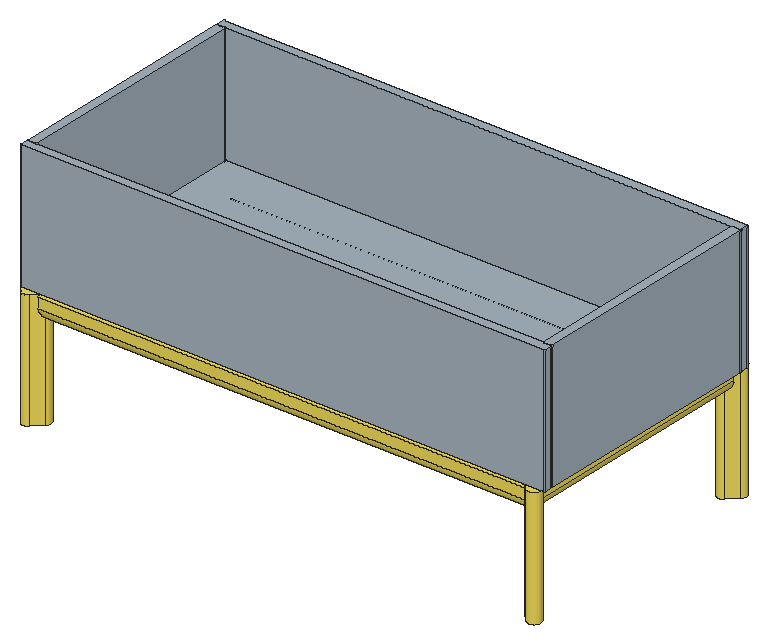
Revit family "DBLTD_TheSenatorGroup_OffcStrg_Play_Planter", category Furniture, Revit 2018
Family settings
  Work Plane-Based = No
  Always vertical = Yes
  Cut with Voids When Loaded = No
  Shared = Yes
  Room Calculation Point = No
Parameters (values of type "Planter with Stand Alone Base 825mm(w) x 400mm(d) x 380mm(h)")
  WarrantyStartDate [instance] = "1900-12-31T23:59:59"
  WarrantyGuarantorParts = "15"
  WarrantyGuarantorLabor = "15"
  WarrantyDurationUnit = "Years"
  WarrantyDurationParts = "15"
  WarrantyDurationLabor = "15"
  WarrantyDescription = "Senator warrants that its manufactured products are free from manufacturing defects - in materials or workmanship - for a period of ten (10) years on Senator Seating ranges; and fifteen (15) years on Senator Desking ranges"
  Version = "1"  # constant formula
  Uniclass2015Version = "Products v1.9"
  Uniclass2015Title = "Office storage units"
  Uniclass2015Code = "Pr_40_30_78_57"
  URL = "https://www.thesenatorgroup.com/"
  TagNumber [instance] = "n/a"
  SustainabilityPerformance = "n/a"
  Style = "n/a"
  Size = "L 400mm x  W 825mm x  H 385mm"
  Shape = "n/a"
  SerialNumber [instance] = "n/a"
  Revision = "n/a"
  ReplacementCost = "n/a"
  ProductInformation = "https://www.thesenatorgroup.com/"
  PanelMaterial [instance] = TheSenatorGroup_Play_MFC_Denim
  OmniClassVersion = "Table 22 2012-05-16"
  OmniClassTitle = "Storage"
  OmniClassCode = "22-12 51 19"
  NominalWidth = 825 mm
  NominalLength = 825 mm
  NominalHeight = 385 mm
  NominalDepth = 400 mm
  Name = "TheSenatorGroup_OfficeStorage_Play_Planter"
  NBSReference = "45-35-80/360"
  NBSDescription = "Office storage"
  NBSCertification = ""
  ModelReference = "825mm(w) x 400mm(d) x 385mm(h)"
  ModelNumber = "PYPP + PYP0804"
  Model = ModelNumber  # "PYPP + PYP0804"
  Material = "Metal, MFC"
  ManufacturerURL = "https://www.thesenatorgroup.com/"
  ManufacturerName = "The Senator Group"
  Manufacturer = "The Senator Group"
  MainColor = "n/a"
  Keynote = "Pr_40_50_21_60"
  InstallationDate [instance] = "1900-12-31T23:59:59"
  IfcExportType = "STORAGE"  # constant formula
  IfcExportAs = "IfcFurnitureType"  # constant formula
  Grade = "n/a"
  FramesColour = "Black, White, Totally Orange, Traffic Yellow, Anthracite, Pistachio"
  FrameSupports = "n/a"
  Finish = "HD Highland Oak, BH Beech, MP Maple, WH White, AT Autumn. WK Winter Oak, SO Strata Oak, MC Mocha, HW Hacienda White, DN Denim, LY Clay, LS Lemon Sorbet, LG Light Grey, CW Carini Walnut"
  Features = "n/a"
  ExpectedLife = "n/a"
  DurationUnit = "year"
  DimensionsPlanSize = "825 mm x 400 mm"
  DimensionsHeight = "385"
  Description = "Stand Alone Base 825 mm x 400 mm Planter"
  Cost = 0
  Constituents = "n/a"
  Color = "n/a"
  CodePerformance = "n/a"
  Category = "Pr_40_30_78_57:Office storage units"
  BaseType = NESTED_DBLTD_TheSenatorGroup_OffcStrg_Play_Base : Stand Alone 825mm(w) x 440mm(d) x 185mm(h)
  BaseFinishMaterial [instance] = TheSenatorGroup_Play_MetalFrame_TrafficYellow
  BarCode [instance] = "n/a"
  BIMObjectName = "TheSenatorGroup_OfficeStorage_Play_Planter"
  Author = "Diane Butterworth Ltd"  # constant formula
  AssetType = "Movable"
  AssetIdentifier [instance] = "n/a"
  AccessibilityPerformance = "n/a"
Types (4, lengths in mm): name | ModelNumber | Model | Description | BaseType
  Planter with Starter Base 825mm(w) x 400mm(d) x 380mm(h) | "PYPP + PYP0804S" | "PYPP + PYP0804S" | "Starter Base 825 mm x 400 mm Planter" | NESTED_DBLTD_TheSenatorGroup_OffcStrg_Play_Base : Starter 825mm(w) x 440mm(d) x 185mm(h)
  Planter with Add on Mid Base 825mm(w) x 400mm(d) x 380mm(h) | "PYPP + PYP0804MA" | "PYPP + PYP0804MA" | "Add on Mid Base 825 mm x 400 mm Planter" | NESTED_DBLTD_TheSenatorGroup_OffcStrg_Play_Base : Mid 825mm(w) x 440mm(d) x 185mm(h)
  Planter with Add on End Base 825mm(w) x 400mm(d) x 380mm(h) | "PYPP + PYP0804EA" | "PYPP + PYP0804EA" | "Add on End Base 825 mm x 400 mm Planter" | NESTED_DBLTD_TheSenatorGroup_OffcStrg_Play_Base : End 825mm(w) x 440mm(d) x 185mm(h)
  Planter with Stand Alone Base 825mm(w) x 400mm(d) x 380mm(h) | "PYPP + PYP0804" | "PYPP + PYP0804" | "Stand Alone Base 825 mm x 400 mm Planter" | NESTED_DBLTD_TheSenatorGroup_OffcStrg_Play_Base : Stand Alone 825mm(w) x 440mm(d) x 185mm(h)
Reference planes
  plane 1 "Center Front/Back": y = 0
  plane 2: z = 0
  plane 3 "Center (Left/Right)": x = 0
  plane 4 "Edge1": x = -412.5
  plane 5 "Edge3": x = 412.5
  plane 6 "Edge2": y = 200
  plane 7 "Edge4": y = -200
  plane 8: z = 385
Forms (mm)
  Extrusion 1, solid, material "TheSenatorGroup_Play_MFC_Denim" <- "PanelMaterial"
    sketch origin (0, 0, 185) x (-1, 0, 0) y (0, -1, 0)
      loop
        arc (410.5, -200) -> (411.914, -199.414) -> (412.5, -198) r 2
        line (412.5, -198) -> (412.5, -188)
        arc (412.5, -188) -> (411.909, -186.573) -> (410.482, -185.982) r 2.018
        line (410.482, -185.982) -> (-410.479, -185.982)
        arc (-410.479, -185.982) -> (-411.908, -186.574) -> (-412.5, -188.004) r 2.021
        line (-412.5, -188.004) -> (-412.5, -198)
        arc (-412.5, -198) -> (-411.914, -199.414) -> (-410.5, -200) r 2
        line (-410.5, -200) -> (410.5, -200)
    from 0 to 200
  Extrusion 2, solid, material "TheSenatorGroup_Play_MFC_Denim" <- "PanelMaterial"
    sketch origin (-192.5, -192.5, 185) x (0, 1, 0) y (-1, 0, 0)
      loop
        line (376.482, 220) -> (8.518, 220)
        arc (8.518, 220) -> (7.104, 219.414) -> (6.518, 218) r 2
        line (6.518, 218) -> (6.518, 208.004)
        arc (6.518, 208.004) -> (7.11, 206.574) -> (8.539, 205.982) r 2.021
        line (8.539, 205.982) -> (376.464, 205.982)
        arc (376.464, 205.982) -> (377.891, 206.573) -> (378.482, 208) r 2.018
        line (378.482, 208) -> (378.482, 218)
        arc (378.482, 218) -> (377.896, 219.414) -> (376.482, 220) r 2
    from 0 to 200
  Extrusion 3, solid, material "TheSenatorGroup_Play_MFC_Denim" <- "PanelMaterial"
    sketch origin (-385, 0, 185) x (1, 0, 0) y (0, 1, 0)
      loop
        arc (795.5, -200) -> (796.914, -199.414) -> (797.5, -198) r 2
        line (797.5, -198) -> (797.5, -188)
        arc (797.5, -188) -> (796.909, -186.573) -> (795.482, -185.982) r 2.018
        line (795.482, -185.982) -> (-25.479, -185.982)
        arc (-25.479, -185.982) -> (-26.908, -186.574) -> (-27.5, -188.004) r 2.021
        line (-27.5, -188.004) -> (-27.5, -198)
        arc (-27.5, -198) -> (-26.914, -199.414) -> (-25.5, -200) r 2
        line (-25.5, -200) -> (795.5, -200)
    from 0 to 200
  Extrusion 4, solid, material "TheSenatorGroup_Play_MFC_Denim" <- "PanelMaterial"
    sketch origin (192.518, 577.518, 185) x (0, -1, 0) y (1, 0, 0)
      loop
        line (761.5, 220) -> (393.536, 220)
        arc (393.536, 220) -> (392.122, 219.414) -> (391.536, 218) r 2
        line (391.536, 218) -> (391.536, 208.004)
        arc (391.536, 208.004) -> (392.128, 206.574) -> (393.557, 205.982) r 2.021
        line (393.557, 205.982) -> (761.482, 205.982)
        arc (761.482, 205.982) -> (762.909, 206.573) -> (763.5, 208) r 2.018
        line (763.5, 208) -> (763.5, 218)
        arc (763.5, 218) -> (762.914, 219.414) -> (761.5, 220) r 2
    from 0 to 200
  Extrusion 5, solid, material "TheSenatorGroup_Play_MFC_Denim" <- "PanelMaterial"
    sketch origin (0, 0, 185) x (-1, 0, 0) y (0, -1, 0)
      loop
        line (398.5, -185.982) -> (398.5, 185.982) -> (-398.5, 185.982) -> (-398.5, -185.982) -> (398.5, -185.982)
    from 0 to 14
Dimensions and locks
  equal spacing: plane 4 "Edge1", plane 3 "Center (Left/Right)", plane 5 "Edge3"
  "NominalLength": plane 4 "Edge1" to plane 5 "Edge3"
  equal spacing: plane 7 "Edge4", plane 1 "Center Front/Back", plane 6 "Edge2"
  "NominalDepth": plane 6 "Edge2" to plane 7 "Edge4"
  "NominalHeight": plane 8 to level
  aligned and locked: level to plane 2
  aligned and locked: plane 8 to Extrusion 1
Automatic sketch dimensions
  Extrusion 1 sketch curve to plane 5 "Edge3" = 0 mm
  plane 6 "Edge2" to Extrusion 1 sketch curve = 0 mm
  Extrusion 1 sketch curve to plane 4 "Edge1" = 0 mm
  Extrusion 1 sketch curve to plane 5 "Edge3" = 2 mm
  Extrusion 1 sketch curve to plane 5 "Edge3" = 2.021 mm
  plane 4 "Edge1" to Extrusion 1 sketch curve = 2.018 mm
  plane 4 "Edge1" to Extrusion 1 sketch curve = 2 mm
  Extrusion 2 sketch curve to plane 4 "Edge1" = 0 mm
  Extrusion 3 sketch curve to plane 4 "Edge1" = 0 mm
  Extrusion 3 sketch curve to plane 7 "Edge4" = 0 mm
  Extrusion 3 sketch curve to plane 5 "Edge3" = 0 mm
  plane 4 "Edge1" to Extrusion 3 sketch curve = 2 mm
  plane 4 "Edge1" to Extrusion 3 sketch curve = 2.021 mm
  Extrusion 3 sketch curve to plane 5 "Edge3" = 2.018 mm
  Extrusion 3 sketch curve to plane 5 "Edge3" = 2 mm
  plane 6 "Edge2" to Extrusion 4 sketch curve = 14.018 mm
  plane 5 "Edge3" to Extrusion 4 sketch curve = 0.018 mm
  Extrusion 4 sketch curve to Extrusion 4 sketch curve = 2 mm
  plane 7 "Edge4" to Extrusion 4 sketch curve = 16.036 mm
  plane 7 "Edge4" to Extrusion 4 sketch curve = 16.018 mm
  plane 7 "Edge4" to Extrusion 4 sketch curve = 14.018 mm
  Extrusion 4 sketch curve to Extrusion 4 sketch curve = 9.996 mm
  Extrusion 5 sketch curve to plane 5 "Edge3" = 14 mm
  Extrusion 2 sketch curve to Extrusion 2 sketch curve = 9.996 mm
  plane 4 "Edge1" to Extrusion 5 sketch curve = 14 mm
  Extrusion 1 sketch curve to Extrusion 1 sketch curve = 9.996 mm
  plane 6 "Edge2" to Extrusion 2 sketch curve = 16.036 mm
  Extrusion 2 sketch curve to Extrusion 2 sketch curve = 0.018 mm
  plane 4 "Edge1" to Extrusion 2 sketch curve = 2 mm  (x2)
  Extrusion 4 sketch curve to Extrusion 4 sketch curve = 2.021 mm
  plane 6 "Edge2" to Extrusion 5 sketch curve = 14.018 mm
  plane 7 "Edge4" to Extrusion 2 sketch curve = 16.039 mm
  Extrusion 2 sketch curve to Extrusion 2 sketch curve = 0.021 mm
  Extrusion 3 sketch curve to Extrusion 3 sketch curve = 9.996 mm
  plane 7 "Edge4" to Extrusion 5 sketch curve = 14.018 mm
Nested families
  nested 1: "NESTED_DBLTD_TheSenatorGroup_OffcStrg_Play_Base" at (0, 0, 0), type <- "BaseType", BaseFinishMaterial <- "BaseFinishMaterial", type "Stand Alone 825mm(w) x 440mm(d) x 185mm(h)"
    with WarrantyStartDate "1900-12-31T23:59:59", TagNumber "n/a", SerialNumber "n/a", InstallationDate "1900-12-31T23:59:59", BaseFinishMaterial TheSenatorGroup_Play_MetalFrame_TrafficYellow, BarCode "n/a", AssetIdentifier "n/a"
Definition of nested family "NESTED_DBLTD_TheSenatorGroup_OffcStrg_Play_Base"
  Parameters (values of type "Stand Alone 825mm(w) x 440mm(d) x 185mm(h)")
    WarrantyStartDate [instance] = "1900-12-31T23:59:59"
    WarrantyGuarantorParts = "15"
    WarrantyGuarantorLabor = "15"
    WarrantyDurationUnit = "Years"
    WarrantyDurationParts = "15"
    WarrantyDurationLabor = "15"
    WarrantyDescription = "Senator warrants that its manufactured products are free from manufacturing defects - in materials or workmanship - for a period of ten (10) years on Senator Seating ranges; and fifteen (15) years on Senator Desking ranges"
    Version = "1"  # constant formula
    Uniclass2015Version = "Products v1.9"
    Uniclass2015Title = "Office storage units"
    Uniclass2015Code = "Pr_40_30_78_57"
    URL = "https://www.thesenatorgroup.com/"
    TagNumber [instance] = "n/a"
    SustainabilityPerformance = "n/a"
    Style = "n/a"
    StarterLeg = yes
    Size = "L 440mm x  W 825mm x  H 185mm"
    Shape = "n/a"
    SerialNumber [instance] = "n/a"
    RightBar = 30 mm
    Revision = "n/a"
    ReplacementCost = "n/a"
    ProductInformation = "https://www.thesenatorgroup.com/"
    OmniClassVersion = "Table 22 2012-05-16"
    OmniClassTitle = "Storage"
    OmniClassCode = "22-12 51 19"
    NominalWidth = 825 mm
    NominalLength = 825 mm
    NominalHeight = 185 mm
    NominalDepth = 440 mm
    Name = "OfficeStorage_Play_Base"
    NBSReference = "45-35-80/360"
    NBSDescription = "Office storage"
    NBSCertification = ""
    ModelReference = "825mm(w) x 440mm(d) x 185mm(h)"
    ModelNumber = "PYP0804"
    Model = ModelNumber  # "PYP0804"
    MidLeg = no
    Material = "Metal"
    ManufacturerURL = "https://www.thesenatorgroup.com/"
    ManufacturerName = "The Senator Group"
    Manufacturer = "The Senator Group"
    MainColor = "n/a"
    LeftBar = 30 mm
    Keynote = "Pr_40_50_21_60"
    InstallationDate [instance] = "1900-12-31T23:59:59"
    IfcExportType = "STORAGE"  # constant formula
    IfcExportAs = "IfcFurnitureType"  # constant formula
    Grade = "n/a"
    FramesColour = "Black, White, Totally Orange, Traffic Yellow, Anthracite, Pistachio"
    FrameSupports = "n/a"
    Finish = "n/a"
    Features = "n/a"
    ExpectedLife = "n/a"
    EndLeg = yes
    DurationUnit = "year"
    DimensionsPlanSize = "825 mm x 440 mm"
    DimensionsHeight = "185"
    Description = "Stand Alone 825 mm x 440 mm Base"
    Cost = 0
    Constituents = "n/a"
    Color = "n/a"
    CodePerformance = "n/a"
    Category = "Pr_40_30_78_57:Office storage units"
    BaseFinishMaterial [instance] = none
    BarCode [instance] = "n/a"
    BIMObjectName = "TheSenatorGroup_OfficeStorage_Play_Base"
    Author = "Diane Butterworth Ltd"  # constant formula
    AssetType = "Movable"
    AssetIdentifier [instance] = "n/a"
    AccessibilityPerformance = "n/a"
  Types (4, lengths in mm): name | StarterLeg | RightBar | ModelNumber | Model | MidLeg | LeftBar | EndLeg | Description
    Starter 825mm(w) x 440mm(d) x 185mm(h) | yes | 0 | "PYP0804S" | "PYP0804S" | yes | 30 | no | "Starter 825 mm x 440 mm Base"
    Mid 825mm(w) x 440mm(d) x 185mm(h) | no | 0 | "PYP0804MA" | "PYP0804MA" | yes | 0 | no | "Mid 825 mm x 440 mm Base"
    End 825mm(w) x 440mm(d) x 185mm(h) | no | 30 | "PYP0804EA" | "PYP0804EA" | no | 0 | yes | "End 825 mm x 440 mm Base"
    Stand Alone 825mm(w) x 440mm(d) x 185mm(h) | yes | 30 | "PYP0804" | "PYP0804" | no | 30 | yes | "Stand Alone 825 mm x 440 mm Base"
  Reference planes
    plane 1 "Center Front/Back": y = 0
    plane 2: z = 0
    plane 3 "Center (Left/Right)": x = 0
    plane 4: z = 185
    plane 5 "Edge1": x = -412.5
    plane 6 "Edge3": x = 412.5
    plane 7 "Edge2": y = 220
    plane 8 "Edge4": y = -220
    plane 9: x = 382.5
    plane 10: x = -382.5
    plane 11: y = -190
    plane 12: y = 190
    plane 13 "Edge23": x = 262.5
  Forms (mm)
    Extrusion 1, solid, material <- "BaseFinishMaterial", visible <- "StarterLeg"
      sketch origin (14.5, 0, 185) x (-1, 0, 0) y (0, -1, 0)
        loop
          line (419.571, -195.429) -> (405.429, -181.287)
          arc (405.429, -181.287) -> (391.287, -181.287) -> (391.287, -195.429) r 10
          line (391.287, -195.429) -> (405.429, -209.571)
          arc (405.429, -209.571) -> (419.571, -209.571) -> (419.571, -195.429) r 10
      from 0 to -185
    Extrusion 2, solid, material <- "BaseFinishMaterial", visible <- "StarterLeg"
      sketch origin (14.5, 0, 185) x (-1, 0, 0) y (0, -1, 0)
        loop
          arc (419.571, 195.429) -> (419.571, 209.571) -> (405.429, 209.571) r 10
          line (405.429, 209.571) -> (391.287, 195.429)
          arc (391.287, 195.429) -> (391.287, 181.287) -> (405.429, 181.287) r 10
          line (405.429, 181.287) -> (419.571, 195.429)
      from 0 to -185
    Extrusion 3, solid, material <- "BaseFinishMaterial"
      sketch origin (100, 100, 0) x (0, -1, 0) y (0, 0, -1)
        loop
          arc (271.5, -182) -> (272.379, -184.121) -> (274.5, -185) r 3
          line (274.5, -185) -> (299.5, -185)
          arc (299.5, -185) -> (301.621, -184.121) -> (302.5, -182) r 3
          line (302.5, -182) -> (302.5, -165)
          arc (302.5, -165) -> (287, -149.5) -> (271.5, -165) r 15.5
          line (271.5, -165) -> (271.5, -182)
      from -482.5 to 282.5
    Extrusion 4, solid, material <- "BaseFinishMaterial", visible <- "StarterLeg"
      sketch origin (27, 0, 0) x (-1, 0, 0) y (0, 0, -1)
        loop
          arc (394, -182) -> (394.879, -184.121) -> (397, -185) r 3
          line (397, -185) -> (422, -185)
          arc (422, -185) -> (424.121, -184.121) -> (425, -182) r 3
          line (425, -182) -> (425, -165)
          arc (425, -165) -> (409.5, -149.5) -> (394, -165) r 15.5
          line (394, -165) -> (394, -182)
      from -190 to 190
    Extrusion 5, solid, material <- "BaseFinishMaterial"
      sketch origin (100, -100, 0) x (0, 1, 0) y (0, 0, 1)
        loop
          line (271.5, 182) -> (271.5, 165)
          arc (271.5, 165) -> (287, 149.5) -> (302.5, 165) r 15.5
          line (302.5, 165) -> (302.5, 182)
          arc (302.5, 182) -> (301.621, 184.121) -> (299.5, 185) r 3
          line (299.5, 185) -> (274.5, 185)
          arc (274.5, 185) -> (272.379, 184.121) -> (271.5, 182) r 3
      from -482.5 to 282.5
    Extrusion 6, solid, material <- "BaseFinishMaterial", visible <- "MidLeg"
      sketch origin (389.779, -211.157, 185) x (-0.707107, 0.707107, 0) y (-0.707107, -0.707107, 0)
        loop
          line (389.571, -195.429) -> (375.429, -181.287)
          arc (375.429, -181.287) -> (361.287, -181.287) -> (361.287, -195.429) r 10
          line (361.287, -195.429) -> (375.429, -209.571)
          arc (375.429, -209.571) -> (389.571, -209.571) -> (389.571, -195.429) r 10
      from 0 to -185
    Extrusion 7, solid, material <- "BaseFinishMaterial", visible <- "MidLeg"
      sketch origin (389.779, 211.157, 185) x (-0.707107, -0.707107, 0) y (0.707107, -0.707107, 0)
        loop
          arc (389.571, 195.429) -> (389.571, 209.571) -> (375.429, 209.571) r 10
          line (375.429, 209.571) -> (361.287, 195.429)
          arc (361.287, 195.429) -> (361.287, 181.287) -> (375.429, 181.287) r 10
          line (375.429, 181.287) -> (389.571, 195.429)
      from 0 to -185
    Extrusion 8, solid, material <- "BaseFinishMaterial", visible <- "MidLeg", not visible
      sketch origin (389.779, -211.157, 185) x (-0.707107, 0.707107, 0) y (-0.707107, -0.707107, 0)
        loop
          line (389.571, -195.429) -> (375.429, -181.287)
          arc (375.429, -181.287) -> (361.287, -181.287) -> (361.287, -195.429) r 10
          line (361.287, -195.429) -> (375.429, -209.571)
          arc (375.429, -209.571) -> (389.571, -209.571) -> (389.571, -195.429) r 10
      from 0 to -185
    Extrusion 9, solid, material <- "BaseFinishMaterial", visible <- "MidLeg", not visible
      sketch origin (389.779, 211.157, 185) x (-0.707107, -0.707107, 0) y (0.707107, -0.707107, 0)
        loop
          arc (389.571, 195.429) -> (389.571, 209.571) -> (375.429, 209.571) r 10
          line (375.429, 209.571) -> (361.287, 195.429)
          arc (361.287, 195.429) -> (361.287, 181.287) -> (375.429, 181.287) r 10
          line (375.429, 181.287) -> (389.571, 195.429)
      from 0 to -185
    Extrusion 10, solid, material <- "BaseFinishMaterial", visible <- "MidLeg"
      sketch origin (642, 0, 0) x (-1, 0, 0) y (0, 0, -1)
        loop
          arc (364, -182) -> (364.879, -184.121) -> (367, -185) r 3
          line (367, -185) -> (392, -185)
          arc (392, -185) -> (394.121, -184.121) -> (395, -182) r 3
          line (395, -182) -> (395, -165)
          arc (395, -165) -> (379.5, -149.5) -> (364, -165) r 15.5
          line (364, -165) -> (364, -182)
      from -190 to 190
    Extrusion 11, solid, material <- "BaseFinishMaterial", visible <- "MidLeg", not visible
      sketch origin (642, 0, 0) x (-1, 0, 0) y (0, 0, -1)
        loop
          arc (364, -182) -> (364.879, -184.121) -> (367, -185) r 3
          line (367, -185) -> (392, -185)
          arc (392, -185) -> (394.121, -184.121) -> (395, -182) r 3
          line (395, -182) -> (395, -165)
          arc (395, -165) -> (379.5, -149.5) -> (364, -165) r 15.5
          line (364, -165) -> (364, -182)
      from -190 to 190
    Extrusion 12, solid, material <- "BaseFinishMaterial", visible <- "StarterLeg", not visible
      sketch origin (-12.5, 0, 185) x (-1, 0, 0) y (0, -1, 0)
        loop
          line (419.571, -195.429) -> (405.429, -181.287)
          arc (405.429, -181.287) -> (391.287, -181.287) -> (391.287, -195.429) r 10
          line (391.287, -195.429) -> (405.429, -209.571)
          arc (405.429, -209.571) -> (419.571, -209.571) -> (419.571, -195.429) r 10
      from 0 to -185
    Extrusion 13, solid, material <- "BaseFinishMaterial", visible <- "StarterLeg", not visible
      sketch origin (-12.5, 0, 185) x (-1, 0, 0) y (0, -1, 0)
        loop
          arc (419.571, 195.429) -> (419.571, 209.571) -> (405.429, 209.571) r 10
          line (405.429, 209.571) -> (391.287, 195.429)
          arc (391.287, 195.429) -> (391.287, 181.287) -> (405.429, 181.287) r 10
          line (405.429, 181.287) -> (419.571, 195.429)
      from 0 to -185
    Extrusion 14, solid, material <- "BaseFinishMaterial", visible <- "StarterLeg", not visible
      sketch origin (0, 0, 0) x (-1, 0, 0) y (0, 0, -1)
        loop
          arc (394, -182) -> (394.879, -184.121) -> (397, -185) r 3
          line (397, -185) -> (422, -185)
          arc (422, -185) -> (424.121, -184.121) -> (425, -182) r 3
          line (425, -182) -> (425, -165)
          arc (425, -165) -> (409.5, -149.5) -> (394, -165) r 15.5
          line (394, -165) -> (394, -182)
      from -190 to 190
    Extrusion 15, solid, material <- "BaseFinishMaterial", visible <- "EndLeg"
      sketch origin (-14.5, 0, 185) x (1, 0, 0) y (0, 1, 0)
        loop
          arc (419.571, 195.429) -> (419.571, 209.571) -> (405.429, 209.571) r 10
          line (405.429, 209.571) -> (391.287, 195.429)
          arc (391.287, 195.429) -> (391.287, 181.287) -> (405.429, 181.287) r 10
          line (405.429, 181.287) -> (419.571, 195.429)
      from 0 to -185
    Extrusion 16, solid, material <- "BaseFinishMaterial", visible <- "EndLeg"
      sketch origin (-14.5, 0, 185) x (1, 0, 0) y (0, 1, 0)
        loop
          line (419.571, -195.429) -> (405.429, -181.287)
          arc (405.429, -181.287) -> (391.287, -181.287) -> (391.287, -195.429) r 10
          line (391.287, -195.429) -> (405.429, -209.571)
          arc (405.429, -209.571) -> (419.571, -209.571) -> (419.571, -195.429) r 10
      from 0 to -185
    Extrusion 17, solid, material <- "BaseFinishMaterial", visible <- "EndLeg"
      sketch origin (-27, 0, 0) x (1, 0, 0) y (0, 0, -1)
        loop
          arc (394, -182) -> (394.879, -184.121) -> (397, -185) r 3
          line (397, -185) -> (422, -185)
          arc (422, -185) -> (424.121, -184.121) -> (425, -182) r 3
          line (425, -182) -> (425, -165)
          arc (425, -165) -> (409.5, -149.5) -> (394, -165) r 15.5
          line (394, -165) -> (394, -182)
      from -190 to 190
    Extrusion 18, solid, material <- "BaseFinishMaterial", visible <- "EndLeg", not visible
      sketch origin (-44.5, 0, 185) x (1, 0, 0) y (0, 1, 0)
        loop
          line (-387.571, 195.429) -> (-373.429, 181.287)
          arc (-373.429, 181.287) -> (-359.287, 181.287) -> (-359.287, 195.429) r 10
          line (-359.287, 195.429) -> (-373.429, 209.571)
          arc (-373.429, 209.571) -> (-387.571, 209.571) -> (-387.571, 195.429) r 10
      from 0 to -185
    Extrusion 19, solid, material <- "BaseFinishMaterial", visible <- "EndLeg", not visible
      sketch origin (-44.5, 0, 185) x (1, 0, 0) y (0, 1, 0)
        loop
          arc (-387.571, -195.429) -> (-387.571, -209.571) -> (-373.429, -209.571) r 10
          line (-373.429, -209.571) -> (-359.287, -195.429)
          arc (-359.287, -195.429) -> (-359.287, -181.287) -> (-373.429, -181.287) r 10
          line (-373.429, -181.287) -> (-387.571, -195.429)
      from 0 to -185
    Extrusion 20, solid, material <- "BaseFinishMaterial", visible <- "EndLeg", not visible
      sketch origin (-27, 0, 0) x (1, 0, 0) y (0, 0, -1)
        loop
          line (-367, -182) -> (-367, -165)
          arc (-367, -165) -> (-382.5, -149.5) -> (-398, -165) r 15.5
          line (-398, -165) -> (-398, -182)
          arc (-398, -182) -> (-397.121, -184.121) -> (-395, -185) r 3
          line (-395, -185) -> (-370, -185)
          arc (-370, -185) -> (-367.879, -184.121) -> (-367, -182) r 3
      from -190 to 190
  Dimensions and locks
    equal spacing: plane 5 "Edge1", plane 3 "Center (Left/Right)", plane 6 "Edge3"
    "NominalLength": plane 5 "Edge1" to plane 6 "Edge3"
    equal spacing: plane 8 "Edge4", plane 1 "Center Front/Back", plane 7 "Edge2"
    "NominalDepth": plane 7 "Edge2" to plane 8 "Edge4"
    "RightBar": plane 9 to plane 6 "Edge3"
    "LeftBar": plane 5 "Edge1" to plane 10
    locked: plane 11 to plane 8 "Edge4" at 30
    locked: plane 12 to plane 7 "Edge2" at 30
    "NominalHeight": plane 4 to level
    locked: plane 13 "Edge23" to plane 6 "Edge3" at 150
    locked: plane 5 "Edge1" to Extrusion 1 at 24.5
    locked: Extrusion 15 to plane 6 "Edge3" at 24.5
    aligned and locked: level to plane 2
    aligned and locked: plane 4 to Extrusion 1
    aligned and locked: plane 10 to Extrusion 3
    aligned and locked: Extrusion 4 to plane 11
    aligned and locked: Extrusion 4 to plane 12
    aligned and locked: plane 10 to Extrusion 5
    aligned and locked: Extrusion 2 to Extrusion 1
    aligned and locked: plane 4 to Extrusion 2
    aligned and locked: plane 9 to Extrusion 3
    aligned and locked: plane 9 to Extrusion 5
    aligned and locked: Extrusion 16 to Extrusion 15
  Automatic sketch dimensions
    Extrusion 6 sketch curve to Extrusion 6 sketch curve = 7.071 mm  (x7)
    Extrusion 6 sketch curve to Extrusion 6 sketch curve = 14.142 mm
    Extrusion 7 sketch curve to Extrusion 7 sketch curve = 7.071 mm  (x6)
    Extrusion 7 sketch curve to Extrusion 7 sketch curve = 14.142 mm
    Extrusion 7 sketch curve to Extrusion 7 sketch curve = 0 mm
    Extrusion 8 sketch curve to Extrusion 8 sketch curve = 7.071 mm  (x7)
    Extrusion 8 sketch curve to Extrusion 8 sketch curve = 14.142 mm
    Extrusion 9 sketch curve to Extrusion 9 sketch curve = 7.071 mm  (x6)
    Extrusion 9 sketch curve to Extrusion 9 sketch curve = 14.142 mm
    Extrusion 9 sketch curve to Extrusion 9 sketch curve = 0 mm
    Extrusion 1 sketch curve to Extrusion 1 sketch curve = 7.071 mm  (x6)
    Extrusion 2 sketch curve to Extrusion 2 sketch curve = 7.071 mm  (x6)
    Extrusion 3 sketch curve to plane 4 = 0 mm
    Extrusion 3 sketch curve to plane 4 = 3 mm  (x2)
    plane 11 to Extrusion 3 sketch curve = 18.5 mm
    plane 11 to Extrusion 3 sketch curve = 3 mm
    Extrusion 3 sketch curve to plane 4 = 20 mm
    Extrusion 4 sketch curve to Extrusion 4 sketch curve = 17 mm
    Extrusion 5 sketch curve to plane 4 = 0 mm
    Extrusion 5 sketch curve to plane 4 = 3 mm  (x2)
    plane 12 to Extrusion 5 sketch curve = 18.5 mm
    plane 12 to Extrusion 5 sketch curve = 3 mm
    Extrusion 5 sketch curve to Extrusion 5 sketch curve = 17 mm
    Extrusion 10 sketch curve to Extrusion 10 sketch curve = 15.5 mm
    Extrusion 10 sketch curve to Extrusion 10 sketch curve = 17 mm
    Extrusion 10 sketch curve to Extrusion 10 sketch curve = 3 mm  (x2)
    Extrusion 1 sketch curve to Extrusion 1 sketch curve = 14.142 mm  (x2)
    Extrusion 2 sketch curve to Extrusion 2 sketch curve = 14.142 mm  (x2)
    Extrusion 4 sketch curve to Extrusion 4 sketch curve = 3 mm  (x2)
    Extrusion 4 sketch curve to Extrusion 4 sketch curve = 15.5 mm
    Extrusion 12 sketch curve to Extrusion 12 sketch curve = 7.071 mm  (x6)
    Extrusion 13 sketch curve to Extrusion 13 sketch curve = 7.071 mm  (x6)
    Extrusion 14 sketch curve to Extrusion 14 sketch curve = 17 mm
    Extrusion 12 sketch curve to Extrusion 12 sketch curve = 14.142 mm  (x2)
    Extrusion 13 sketch curve to Extrusion 13 sketch curve = 14.142 mm  (x2)
    Extrusion 14 sketch curve to Extrusion 14 sketch curve = 3 mm  (x2)
    Extrusion 14 sketch curve to Extrusion 14 sketch curve = 15.5 mm
    Extrusion 15 sketch curve to Extrusion 15 sketch curve = 7.071 mm  (x6)
    Extrusion 16 sketch curve to Extrusion 16 sketch curve = 7.071 mm  (x6)
    Extrusion 17 sketch curve to Extrusion 17 sketch curve = 17 mm
    Extrusion 15 sketch curve to Extrusion 15 sketch curve = 14.142 mm  (x2)
    Extrusion 16 sketch curve to Extrusion 16 sketch curve = 14.142 mm  (x2)
    Extrusion 17 sketch curve to Extrusion 17 sketch curve = 3 mm  (x2)
    Extrusion 17 sketch curve to Extrusion 17 sketch curve = 15.5 mm
    Extrusion 18 sketch curve to Extrusion 18 sketch curve = 7.071 mm  (x6)
    Extrusion 19 sketch curve to Extrusion 19 sketch curve = 7.071 mm  (x6)
    Extrusion 20 sketch curve to Extrusion 20 sketch curve = 17 mm
    Extrusion 18 sketch curve to Extrusion 18 sketch curve = 14.142 mm  (x2)
    Extrusion 19 sketch curve to Extrusion 19 sketch curve = 14.142 mm  (x2)
    Extrusion 20 sketch curve to Extrusion 20 sketch curve = 3 mm  (x2)
    Extrusion 20 sketch curve to Extrusion 20 sketch curve = 15.5 mm
